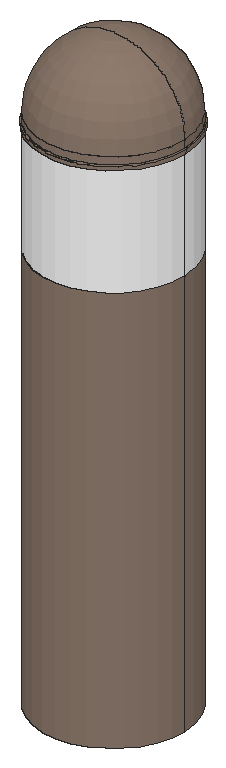
Revit family "BL6411", category Generic Models, Revit 2014
Parameters
  TOP CAP = Bronze, Architectural
  LENS = Acrylic
  BODY = Bronze, Architectural
Reference planes (in)
  plane 1 "Center (Front/Back)": y = 0
  plane 2: z = 0
  plane 3 "Center (Left/Right)": x = 0
Forms (in)
  Revolve 1, solid, material "Bronze, Architectural" <- "TOP CAP"
    sketch origin (0, 0, -0.03125) x (1, 0, 0) y (0, 0, 1)
      loop
        line (0, 42.03122) -> (0, 36.21822) -> (5.0942, 36.21822) -> (5.0942, 36.46822)
        arc (5.0942, 36.46822) -> (5.07575, 36.51277) -> (5.0312, 36.53122) r 0.063
        line (5.0312, 36.53122) -> (5, 36.53122) -> (5, 37.03122)
        arc (5, 37.03122) -> (3.53553, 40.56676) -> (0, 42.03122) r 5
      axis (0, 42.03122) -> (0, 36.21822)
    angle from 0 to 360
  Revolve 2, solid, material "Bronze, Architectural" <- "BODY"
    sketch origin (0, 0, -0.03125) x (1, 0, 0) y (0, 0, 1)
      loop
        line (5, 0.03072) -> (5, 28.53072) -> (0, 28.53072) -> (0, 0.03072) -> (5, 0.03072)
      axis (0, 28.53072) -> (0, 0.03072)
    angle from 0 to 360
  Revolve 3, solid, material "Acrylic" <- "LENS"
    sketch origin (0, 0, -0.03125) x (1, 0, 0) y (0, 0, 1)
      loop
        line (5, 28.53072) -> (5, 36.46822) -> (0, 36.46822) -> (0, 28.53072) -> (5, 28.53072)
      axis (0, 36.46822) -> (0, 28.53072)
    angle from 0 to 360
Dimensions and locks (in)
  aligned and locked: plane 2 to level
